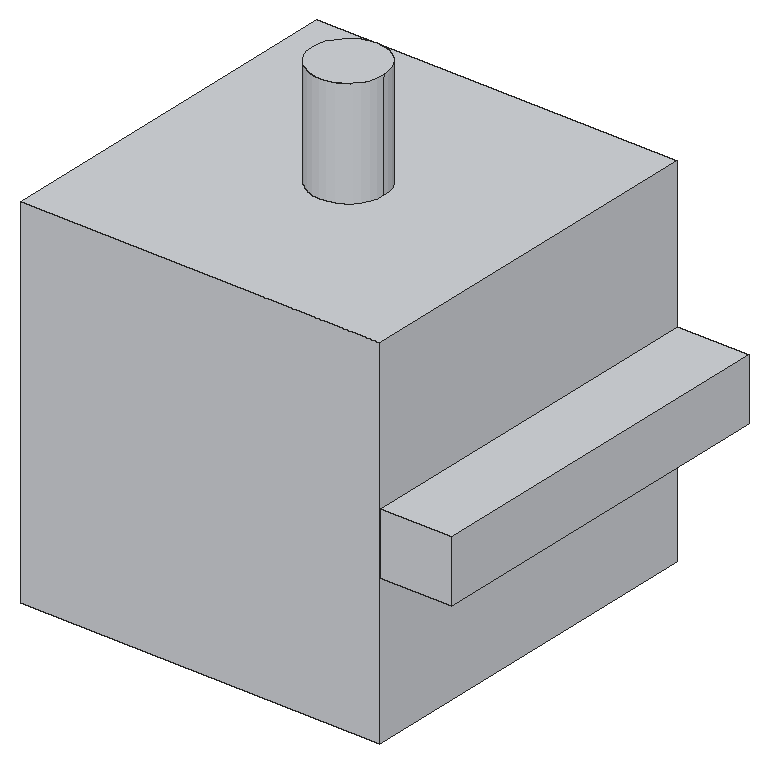
Revit family "НЕВАТОМ_Адаптер РЩ-K-2_20220407", category Арматура воздуховодов, Revit 2017
Family settings
  Размер круглого соединителя = Использовать диаметр
  Тип детали = Вставляется
  На основе рабочей плоскости = Нет
  Всегда вертикально = Нет
  При загрузке вырезать с полостями = Нет
  Общий = Нет
Parameters (values of type "РЩ-K-2")
  Nevatom_URL = "https://t.me/NEVATOM_Bim_bot"
  H2 [instance] = 150 mm
  Материал = Материал корпуса
  t = 2 mm  # constant formula
  Nevatom_Частотный преобразователь = ""
  Nevatom_Регулятор расхода = ""
  Nevatom_ Для задания электроснабжения = ""
  D [instance] = 100 mm
  ADSK_Размер_Ширина [instance] = B + 16 mm  # 516 mm
  ADSK_Размер_Длина [instance] = H1 + H  # 600 mm
  ADSK_Размер_Высота [instance] = A1 + H2  # 650 mm
  ADSK_Материал наименование = "Оцинкованная сталь"  # constant formula
  A+3 [instance] = A + 3 mm  # 86 mm
  H1 [instance] = 500 mm
  H [instance] = 100 mm
  B+16 [instance] = B + 16 mm  # 516 mm
  B [instance] = 500 mm
  A1 = 500 mm
  A [instance] = 83 mm
  ADSK_Примечание = ""
  ADSK_Позиция = ""
  ADSK_Наименование = "АДАПТЕР РЩ"
  ADSK_Масса_Текст = "кг"
  ADSK_Масса = 0
  ADSK_Марка = "-K-2-ОЦ.-0.7-Т2-RAL1000"
  ADSK_Код изделия = ""
  ADSK_Завод-изготовитель = "NEVATOM"
  ADSK_Единица измерения = "шт"
Reference planes
  plane 1 "По центру (Вперед/Назад)": y = 0
  plane 2: z = -250
  plane 3 "По центру (Влево/Вправо)": x = 0
  plane 4: x = -250
  plane 5: x = 250
  plane 6: z = 250
  plane 7: y = -258
  plane 8: y = 258
  plane 9: z = 0
  plane 10: x = 350
  plane 11: z = 400
  plane 12: x = -364.32
Forms (mm)
  Extrusion 1, solid
    sketch origin (0, 0, 0) x (1, 0, 0) y (0, 0, 1)
      loop
        line (-250, 250) -> (-250, -250) -> (250, -250) -> (250, 250) -> (-250, 250)
    from -258 to 258
  Extrusion 2, solid
    sketch origin (0, 0, 0) x (1, 0, 0) y (0, 1, 0)
      loop
        line (250, 258) -> (250, -258) -> (350, -258) -> (350, 258) -> (250, 258)
    from -43 to 43
  Extrusion 3, solid
    sketch origin (0, 0, 0) x (1, 0, 0) y (0, 1, 0)
      loop
        circle (0, 0) r 50
    from 250 to 400
Dimensions and locks
  equal spacing: plane 4, plane 3 "По центру (Влево/Вправо)", plane 5
  equal spacing: plane 5, plane 3 "По центру (Влево/Вправо)", plane 4
  "A1": plane 6 to plane 2
  equal spacing: plane 6, level, plane 2
  "H1": plane 5 to plane 4
  equal spacing: plane 8, plane 1 "По центру (Вперед/Назад)", plane 7
  "B+16": plane 8 to plane 7
  "H": plane 5 to plane 10
  equal spacing: Extrusion 2, level, Extrusion 2
  "A+3": Extrusion 2 to Extrusion 2
  "H2": plane 11 to plane 6
  "D": diameter of Extrusion 3 sketch curve
  aligned and locked: level to plane 9
  aligned and locked: Extrusion 1 sketch curve to plane 6
  aligned and locked: plane 4 to Extrusion 1 sketch curve
  aligned and locked: plane 2 to Extrusion 1 sketch curve
  aligned and locked: Extrusion 1 sketch curve to plane 5
  aligned and locked: Extrusion 1 to plane 7
  aligned and locked: plane 8 to Extrusion 1
  aligned and locked: Extrusion 1 to Extrusion 2 sketch curve
  aligned and locked: Extrusion 2 sketch curve to Extrusion 1
  aligned and locked: plane 7 to Extrusion 2 sketch curve
  aligned and locked: Extrusion 2 sketch curve to plane 10
  aligned and locked: Extrusion 3 to plane 6
  aligned and locked: plane 11 to Extrusion 3
  aligned and locked: nested 1 to Extrusion 1
  aligned and locked: Extrusion 1 to nested 1  (x2)
Automatic sketch dimensions
  plane 1 "По центру (Вперед/Назад)" to Extrusion 3 sketch curve = 0 mm
  Extrusion 3 sketch curve to plane 3 "По центру (Влево/Вправо)" = 0 mm
Nested families
  nested 1: "НЕВАТОМ_QR-AxB" at (200, -208, 250), type "Nevatom_Logo_100x100", not visible
Connectors
  hvac at (350, 0, 0), driven by "A", driven by "B"
    settings: on Extrusion 2, index 1, duct flow 0.0 L/s, flow factor 0, pres drop 0.0 Pa, loss coef 0, conn angle 0.00°, conn width 500 mm, conn height 83 mm, conn diameter 609.6 mm, duct sys type 29, conn prof type 1, flow config 0, flow direction 0, loss method 0, conn ref index -1, conn util no, is conn primary yes, conn desc ""
  hvac at (0, 0, 400), driven by "D"
    settings: on Extrusion 3, index 2, duct flow 0.0 L/s, flow factor 0, pres drop 0.0 Pa, loss coef 0, conn angle 0.00°, conn width 304.8 mm, conn height 304.8 mm, conn diameter 100 mm, duct sys type 29, conn prof type 0, flow config 0, flow direction 0, loss method 0, conn ref index -1, conn util no, is conn primary no, conn desc ""
Definition of nested family "НЕВАТОМ_QR-AxB"
  Parameters (values of type "Nevatom_Logo_50x50")
    Logo_Image = none
    L = 2 mm
    B = A  # 50 mm
    A = 50 mm
  Types (5, lengths in mm): name | B | A
    (no name) | 50 | 50
    Nevatom_Logo_200x200 | 200 | 200
    Nevatom_Logo_100x100 | 100 | 100
    Nevatom_Logo_50x50 | 50 | 50
    Nevatom_Logo_25x25 | 25 | 25
  Reference planes
    plane 1 "По центру (Вперед/Назад)": y = 0
    plane 2: z = 0
    plane 3 "По центру (Влево/Вправо)": x = 0
    plane 4: x = -25
    plane 5: x = 25
    plane 6: y = 25
    plane 7: y = -25
  Forms (mm)
    Extrusion 1, solid, material <- "Logo_Image"
      sketch origin (0, 0, 0) x (1, 0, 0) y (0, 1, 0)
        loop
          line (-25, 25) -> (-25, -25) -> (25, -25) -> (25, 25) -> (-25, 25)
      from 0 to 2 <- "L"
  Lines and regions (mm)
    reference lines
      curve 1: line (-25, 25, 0) -> (25, 25, 0)
      curve 2: line (25, 25, 0) -> (25, -25, 0)
      curve 3: line (25, -25, 0) -> (-25, -25, 0)
      curve 4: line (-25, -25, 0) -> (-25, 25, 0)
  Dimensions and locks
    equal spacing: plane 4, plane 3 "По центру (Влево/Вправо)", plane 5
    "A": plane 4 to plane 5
    equal spacing: plane 6, plane 1 "По центру (Вперед/Назад)", plane 7
    "B": plane 6 to plane 7
    aligned and locked: level to plane 2
    aligned and locked: plane 6 to curve 1
    aligned and locked: plane 4 to curve 4
    aligned and locked: plane 5 to curve 2
    aligned and locked: plane 7 to curve 3
    aligned and locked: Extrusion 1 sketch curve to curve 1
    aligned and locked: Extrusion 1 sketch curve to curve 4
    aligned and locked: Extrusion 1 sketch curve to curve 3
    aligned and locked: Extrusion 1 sketch curve to curve 2
